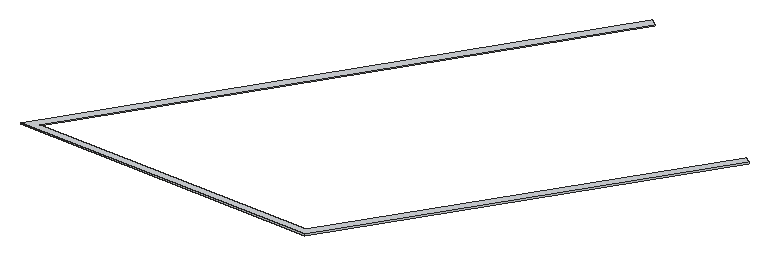
Revit family "Single Angular Parking Stripe", category Generic Models, Revit 2019
Family settings
  Can host rebar = No
  Round Connector Dimension = Use Diameter
  Part Type = Normal
  Work Plane-Based = No
  Always vertical = Yes
  Cut with Voids When Loaded = No
  Shared = No
  Room Calculation Point = No
Parameters (values of type "1st Type")
  lenght of stall = 18' - 0"
  Width of Parking Stripe = 0' - 3"
  Width of Parking = 8' - 0"
  Angle of Parking = 33.00°
Reference planes (in)
  plane 1 "Center (Front/Back)": y = 0
  plane 2: z = 0
  plane 3 "Center (Left/Right)": x = 0
  plane 4: y = 3
Forms (in)
  Extrusion 1, solid
    sketch origin (0, 0, 0) x (1, 0, 0) y (0, 1, 0)
      loop
        line (117.64203, 181.15284) -> (0, 0) -> (118.04397, 0) -> (200.67042, 127.23358) -> (198.15441, 128.8675) -> (116.4151, 3) -> (5.52531, 3) -> (120.15804, 179.51893) -> (117.64203, 181.15284)
    from 0 to 0.47848
Lines and regions (in)
  reference lines
    curve 1: line (0, 0, 0) -> (117.64203, 181.15284, 0)
    curve 2: line (2.51601, -1.63392, 0) -> (120.15804, 179.51893, 0)
    curve 3: line (118.04397, 0, 0) -> (200.67042, 127.23358, 0)
    curve 4: line (114.46688, 0, 0) -> (198.15441, 128.8675, 0)
    curve 5: line (117.64203, 181.15284, 0) -> (221.63718, 113.6176, 0)
Dimensions and locks (in)
  "Width of Parking Stripe": curve 2 to curve 1
  "Width of Parking Stripe": plane 4 to plane 1 "Center (Front/Back)"
  "Width of Parking": curve 3 to curve 2
  "Width of Parking Stripe": curve 3 to curve 4
  "lenght of stall": curve 1 to curve 5
  "Angle of Parking": angle curve 1 to plane 3 "Center (Left/Right)"
  aligned and locked: plane 2 to level
  aligned and locked: Extrusion 1 sketch curve to curve 1
  aligned and locked: curve 2 to Extrusion 1 sketch curve
  aligned and locked: plane 1 "Center (Front/Back)" to Extrusion 1 sketch curve
  aligned and locked: plane 4 to Extrusion 1 sketch curve
  aligned and locked: Extrusion 1 sketch curve to curve 3
  aligned and locked: Extrusion 1 sketch curve to curve 4
  aligned and locked: Extrusion 1 sketch curve to curve 5
Automatic sketch dimensions
  Extrusion 1 sketch curve to Extrusion 1 sketch curve = 6' - 9.73931"
  plane 1 "Center (Front/Back)" to curve 1 = 0' - 0"
  curve 1 to plane 3 "Center (Left/Right)" = 0' - 0"
  plane 1 "Center (Front/Back)" to curve 4 = 0' - 0"
  plane 1 "Center (Front/Back)" to curve 3 = 0' - 0"
  plane 1 "Center (Front/Back)" to curve 2 = 0' - 1.63392"
  plane 4 to curve 5 = 9' - 2.6176"
